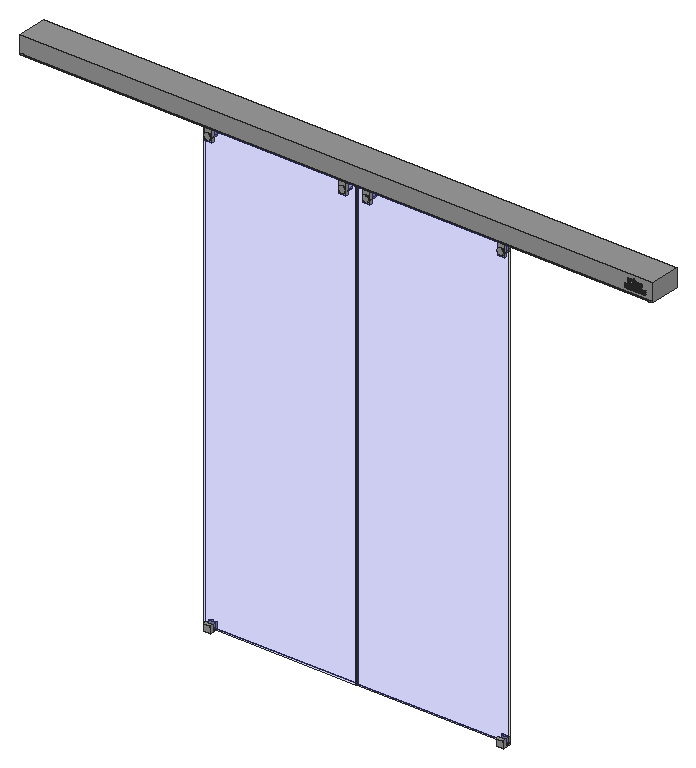
Revit family "Door_Operator-Sliding_Door-Ditec-Civik-Glass_Wing_and_Technical_Connection-2_Wings", category Doors, host Wall, Revit 2014
Parameters
  Youtube clip = ""
  Weight Net (Kg) = 0
  Uniformat II Description = "Exterior Doors"
  Uniformat II Code = "B2030"
  Uniclass 2015 Name = "Sliding doorset systems"
  Uniclass 2015 Code = "Ss_25_30_20_77"
  Uniclass 2.0 Description = "Sliding Doorset Systems"
  Uniclass 2.0 Code = "SS-25-30-20-77"
  Uniclass 1.4 Description = "Doors"
  Uniclass 1.4 Code = "JL20"
  URL = "http://www.ditecentrematic.com/products/automatic-pedestrian-doors/sliding-doors/civik"
  UNSPSC Code = "301715"
  Torque/Thrust = "30 N"
  Technical description = ""
  Stroke control = "encoder"
  Special uses = "disabled use"
  S = 50 mm
  Rough Width = 1200 mm
  Rough Height = Height  # 2000 mm
  Region South America = "AR, BO, BR, CL, CO, EC, FK, GF, GY, PE, PY, SR, UY, VE"
  Region Oceania = "AS, AU, CK, FJ, FM, GU, KI, MH, MP, NC, NF, NR, NU, NZ, PF, PG, PN, PW, SB, TK, TL, TO, TV, UM, WF, WS, VU"
  Region North America = "AG, AI, AW, BB, BL, BM, BQ, BS, BZ, CA, CR, CU, CW, DM, DO, GD, GL, GP, GT, HN, HT, JM, KN, KY, LC, MF, MQ, MS, MX, NI, PA, PM, PR, SV, SX, TC, TT, US, VC, VG, VI"
  Region Middle East = "AE, AF, BH, EG, IL, IQ, IR, JO, KW, LB, OM, PS, QA, SA, SY, TR, YE"
  Region Europe = "AD, AL, AT, AX, BA, BE, BG, BY, CH, CY, CZ, DE, DK, EE, ES, FI, FO, FR, GB, GG, GI, GR, HR, HU, IE, IM, IS, IT, JE, LI, LT, LU, LV, MC, MD, ME, MK, MT, NL, NO, PL, PT, RO, RS, RU, SE, SI, SJ, SK, SM, UA, VA"
  Region Asia = "AM, AZ, BD, BN, BT, CC, CN, CX, GE, HK, ID, IN, IO, JP, KG, KH, KP, KR, KZ, LA, LK, MM, MN, MO, MV, MY, NP, PH, PK, SG, TH, TJ, TM, TW, UZ, VN"
  Region Antarctica = "None"
  Region Africa = "AO, BF, BI, BJ, BW, CD, CF, CI, CM, CV, DJ, DZ, EH, ER, ET, GA, GH, GM, GN, GQ, GW, KE, KM, LR, LS, LY, MA, MG, ML, MR, MU, MW, MZ, NA, NE, NG, RE, SC, SD, SH, SL, SN, ST, SZ, TD, TG, TN, TZ, UG, YT, ZA"
  QR code = "http://bimobject.com/entrematic/product/dit-cvk"
  Protection rating = "IP 20"
  Product url = "http://www.ditecentrematic.com/products/automatic-pedestrian-doors/sliding-doors/civik"
  Product group = "Sliding Automatic Doors"
  Product family = "Automatic Doors"
  Product dimensions (mm) = "75 x130 x L"
  Product data url = "http://bimobject.com/entrematic/product/dit-cvk"
  Product certification = ""
  Product SKU = "dit-cvk"
  Product Guid = "023af41f-6f63-4778-8830-4f045142fb66"
  Power supply = "230 V AC / 50-60 Hz"
  Power input = "0.2 A"
  Panel Material = Glass
  Operator Material = Aluminum
  Operator Length = Rough Width * 2 + 2 * S + 200 mm  # 2700 mm
  Operating temperature = "-20°C / +55°C"
  Opening speed = "0.8 m/s"
  OmniClass Description = "Sliding Metal Doors"
  OmniClass Code = "23-17 11 13 19"
  Nominal width = 3300
  Nominal height = 75
  NBS Reference Description = "Sliding Doorset Systems"
  NBS Reference Code = "25-30-20-77"
  Maximum opening = ""
  Maximum capacity = "80 kg"
  Material secondary = "Glass"
  Material main = "Aluminium"
  Masterformat 2014 Description = "Sliding Metal Doors"
  Masterformat 2014 Code = "08 13 73"
  Manufacturer name = "Entrematic"
  Manufacturer country = "Italy"
  Installation instructions = "http://ftp.ditec.it/manuali/Manuali_Quarto/CIVIK_IP1953EN.pdf"
  IFC Classification = "Door"
  Function = Interior
  Height = 2000 mm
  Wall Closure = By host
  Width = Rough Width + 2 * S  # 1300 mm
  Edition number = 1
  EAN code = ""
  Duty class = "4 - heavy duty"
  Design country = "Italy"
  Date of publishing = ""
  Control panel = "EL06A (built in)"
  Closing speed = "0.4 m/s"
  COBIe Type Category = ""
  Brand url = ""
  BIMobject category = "Sliding"
  Antipanic system = "CIVIK LA"
Reference planes
  plane 1: y = 0
  plane 2 "Center (Left/Right)": x = 0
  plane 3 "Left": x = -600
  plane 4 "Right": x = 600
  plane 5: z = 2000
  plane 6 "Exterior": y = 75
  plane 7 "Interior": y = -75
  plane 8: z = 2069.889
  plane 9: y = -97
  plane 10: y = -107
  plane 11: y = -87
  plane 12: z = 10
  plane 13: x = -650
  plane 14: x = 650
  plane 15: z = 1945
  plane 16: z = 1895
  plane 17: x = -625
  plane 18: x = -50
  plane 19: x = 50
  plane 20: x = -625
  plane 21: x = 625
Forms (mm)
  Sweep 1, solid, material "Glass" <- "Panel Material"
    path origin (0, 0, 0) x (1, 0, 0) y (0, 1, 0)
      loop
        line (-650, -87) -> (-2, -87)
    profile origin (-326, -87, 0) x (0, 1, 0) y (0, 0, 1)
      loop
        line (-10, 2000) -> (-10, 10) -> (0, 10) -> (0, 2000) -> (-10, 2000)
  Sweep 2, solid, material "Glass" <- "Panel Material"
    path origin (0, 0, 0) x (1, 0, 0) y (0, 1, 0)
      loop
        line (650, -87) -> (2, -87)
    profile origin (326, -87, 0) x (0, -1, 0) y (0, 0, 1)
      loop
        line (10, 2000) -> (0, 2000) -> (0, 10) -> (10, 10) -> (10, 2000)
  Sweep 3, solid, material "Aluminum", detail levels fine
    path origin (8850, -194.453, 1895) x (0, -1, 0) y (1, 0, 0)
      loop
        line (-107.453, -9490) -> (-107.453, -9460)
    profile "Profile 01 : Profile 01" origin (-625, -87, 1895) x (0, 1, 0) y (0, 0, 1)
      loop
        line (-20, -20) -> (-10, -20) -> (-10, 117) -> (-20, 117) -> (-20, -20)
  Sweep 4, solid, material "Aluminum", detail levels fine
    path origin (8850, -194.453, 1895) x (0, -1, 0) y (1, 0, 0)
      loop
        line (-107.453, -8915) -> (-107.453, -8885)
    profile "Profile 01 : Profile 01" origin (-50, -87, 1895) x (0, 1, 0) y (0, 0, 1)
      loop
        line (-20, -20) -> (-10, -20) -> (-10, 117) -> (-20, 117) -> (-20, -20)
  Sweep 5, solid, material "Aluminum", detail levels fine
    path origin (8850, -194.453, 1895) x (0, -1, 0) y (1, 0, 0)
      loop
        line (-84.453, -9475) -> (-119.453, -9475)
    profile "Profile 02 : Profile 02" origin (-625, -92.5, 1895) x (-1, 0, 0) y (0, 0, 1)
      loop
        circle (0, 50) r 14
      loop
        circle (0, 0) r 14
  Sweep 6, solid, material "Aluminum", detail levels fine
    path origin (8850, -194.453, 1895) x (0, -1, 0) y (1, 0, 0)
      loop
        line (-84.453, -8900) -> (-119.453, -8900)
    profile "Profile 02 : Profile 02" origin (-50, -92.5, 1895) x (-1, 0, 0) y (0, 0, 1)
      loop
        circle (0, 50) r 14
      loop
        circle (0, 0) r 14
  Sweep 7, solid, detail levels fine
    path origin (8850, -194.453, 1895) x (0, -1, 0) y (1, 0, 0)
      loop
        line (-84.488, -8900) -> (-119.453, -8900)
    profile "Profile 02 : Profile 02" origin (-50, -92.483, 1895) x (-1, 0, 0) y (0, 0, 1)
      loop
        circle (0, 50) r 14
      loop
        circle (0, 0) r 14
  Sweep 8, solid, material "Aluminum", detail levels fine
    path origin (8850, -194.453, 1895) x (0, -1, 0) y (1, 0, 0)
      loop
        line (-107.453, -8815) -> (-107.453, -8785)
    profile "Profile 01 : Profile 01" origin (50, -87, 1895) x (0, 1, 0) y (0, 0, 1)
      loop
        line (-10, -20) -> (-10, 117) -> (-20, 117) -> (-20, -20) -> (-10, -20)
  Sweep 9, solid, material "Aluminum", detail levels fine
    path origin (8850, -194.453, 1895) x (0, -1, 0) y (1, 0, 0)
      loop
        line (-107.453, -8240) -> (-107.453, -8210)
    profile "Profile 01 : Profile 01" origin (625, -87, 1895) x (0, 1, 0) y (0, 0, 1)
      loop
        line (-10, -20) -> (-10, 117) -> (-20, 117) -> (-20, -20) -> (-10, -20)
  Sweep 10, solid, material "Aluminum", detail levels fine
    path origin (8850, -194.453, 1895) x (0, -1, 0) y (1, 0, 0)
      loop
        line (-84.453, -8800) -> (-119.453, -8800)
    profile "Profile 02 : Profile 02" origin (50, -92.5, 1895) x (-1, 0, 0) y (0, 0, 1)
      loop
        circle (0, 50) r 14
      loop
        circle (0, 0) r 14
  Sweep 11, solid, material "Aluminum", detail levels fine
    path origin (8850, -194.453, 1895) x (0, -1, 0) y (1, 0, 0)
      loop
        line (-84.453, -8225) -> (-119.453, -8225)
    profile "Profile 02 : Profile 02" origin (625, -92.5, 1895) x (-1, 0, 0) y (0, 0, 1)
      loop
        circle (0, 50) r 14
      loop
        circle (0, 0) r 14
  Sweep 12, solid, material "Aluminum", detail levels fine
    path origin (0, 0, 0) x (1, 0, 0) y (0, 1, 0)
      loop
        line (-640, -87) -> (-610, -87)
    profile "Profile 03 : Profile 03" origin (-625, -87, 0) x (0, 1, 0) y (0, 0, 1)
      loop
        line (-22, 25) -> (-22, 0) -> (10, 0) -> (10, 25)
        arc (10, 25) -> (7.534, 30.11) -> (2, 31.359) r 6.527
        line (2, 31.359) -> (2, 4.414) -> (-14, 4.414) -> (-14, 31.359)
        arc (-14, 31.359) -> (-19.534, 30.11) -> (-22, 25) r 6.527
  Sweep 13, solid, material "Aluminum", detail levels fine
    path origin (0, 0, 0) x (1, 0, 0) y (0, 1, 0)
      loop
        line (610, -87) -> (640, -87)
    profile "Profile 03 : Profile 03" origin (625, -87, 0) x (0, 1, 0) y (0, 0, 1)
      loop
        line (-22, 25) -> (-22, 0) -> (10, 0) -> (10, 25)
        arc (10, 25) -> (7.534, 30.11) -> (2, 31.359) r 6.527
        line (2, 31.359) -> (2, 4.414) -> (-14, 4.414) -> (-14, 31.359)
        arc (-14, 31.359) -> (-19.534, 30.11) -> (-22, 25) r 6.527
Lines and regions (mm)
  Opening 1
    outline origin (-3050, -75, 0) x (1, 0, 0) y (0, 0, 1)
      loop
        line (2450, 0) -> (3650, 0) -> (3650, 2000) -> (2450, 2000) -> (2450, 0)
Text (mm)
  text "Exterior" at (-2295.016, 1099.543, 0), in view "Ref. Level"
  text "Exterior" at (0, 1615.38, 3698.081), in view "Left"
  text "Exterior" at (0, 1036.032, 3874.932), in view "Right"
Dimensions and locks
  equal spacing: plane 3 "Left", plane 2 "Center (Left/Right)", plane 4 "Right"
  "Rough Width": plane 3 "Left" to plane 4 "Right"
  "Rough Height": plane 5 to host wall
  host wall to plane 5 = 2000 mm  (x2)
  locked: plane 6 "Exterior" to host wall at 0
  locked: plane 7 "Interior" to host wall
  locked: plane 8 to plane 5 at 69.889
  plane 10 to plane 9 to plane 7 "Interior" = 10 mm locked, 22 mm locked
  locked: plane 9 to plane 11 at 10
  locked: plane 12 to level at 10
  "S": plane 13 to plane 3 "Left"
  "S": plane 4 "Right" to plane 14
  locked: Sweep 1 sketch curve to plane 2 "Center (Left/Right)" at 2
  locked: plane 2 "Center (Left/Right)" to Sweep 2 sketch curve at 2
  locked: plane 15 to plane 5 at 55
  locked: plane 15 to plane 16 at 50
  equal spacing: plane 3 "Left", plane 17, plane 13
  plane 18 to plane 2 "Center (Left/Right)" to plane 19 = 50 mm locked, 50 mm locked
  Sweep 4 sketch curve to plane 18 to Sweep 4 sketch curve = 15 mm locked, 15 mm locked
  equal spacing: plane 13, plane 20, plane 3 "Left"
  Sweep 8 sketch curve to plane 19 to Sweep 8 sketch curve = 15 mm locked, 15 mm locked
  equal spacing: plane 4 "Right", plane 21, plane 14
  Sweep 9 sketch curve to plane 21 to Sweep 9 sketch curve = 15 mm locked, 15 mm locked
  Sweep 12 sketch curve to plane 20 to Sweep 12 sketch curve = 15 mm locked, 15 mm locked
  Sweep 13 sketch curve to plane 21 to Sweep 13 sketch curve = 15 mm locked, 15 mm locked
  locked: plane 11 to Sweep 5 sketch curve at 23
  locked: plane 11 to Sweep 7 sketch curve at 22.965
  locked: plane 11 to Sweep 10 sketch curve at 23
  locked: plane 11 to Sweep 11 sketch curve at 23
  locked: plane 11 to Sweep 6 sketch curve at 23
  Sweep 3 sketch curve to plane 20 to Sweep 3 sketch curve = 15 mm locked, 15 mm locked
  aligned and locked: plane 3 "Left" to Opening 1 sketch curve
  aligned and locked: plane 5 to Opening 1 sketch curve  (x2)
  aligned and locked: Opening 1 sketch curve to plane 4 "Right"
  aligned and locked: Opening 1 sketch curve to level
  aligned and locked: plane 1 to host wall
  aligned and locked: Sweep 1 sketch curve to plane 11  (x2)
  aligned and locked: plane 12 to Sweep 1 sketch curve
  aligned and locked: Sweep 1 sketch curve to plane 9
  aligned and locked: plane 5 to Sweep 1 sketch curve
  aligned and locked: plane 11 to Sweep 2 sketch curve
  aligned and locked: plane 12 to Sweep 2 sketch curve
  aligned and locked: Sweep 2 sketch curve to plane 9
  aligned and locked: Sweep 2 sketch curve to plane 11
  aligned and locked: plane 5 to Sweep 2 sketch curve
  aligned and locked: plane 13 to Sweep 1 sketch curve
  aligned and locked: Sweep 3 sketch curve to plane 11
  aligned and locked: plane 2 "Center (Left/Right)" to nested 1
  aligned and locked: plane 14 to Sweep 2 sketch curve
  aligned and locked: Sweep 4 sketch curve to plane 11
  aligned and locked: plane 18 to Sweep 7 sketch curve
  aligned and locked: Sweep 8 sketch curve to plane 11
  aligned and locked: Sweep 9 sketch curve to plane 11
  aligned and locked: plane 19 to Sweep 10 sketch curve
  aligned and locked: plane 21 to Sweep 11 sketch curve
  aligned and locked: Sweep 12 sketch curve to plane 11
  aligned and locked: Sweep 13 sketch curve to plane 11
  aligned and locked: nested 1 to plane 8
  aligned and locked: plane 7 "Interior" to Sweep 5 sketch curve
  aligned and locked: plane 7 "Interior" to Sweep 7 sketch curve
  aligned and locked: plane 7 "Interior" to Sweep 10 sketch curve
  aligned and locked: plane 7 "Interior" to Sweep 11 sketch curve
  aligned and locked: plane 7 "Interior" to Sweep 6 sketch curve
  aligned and locked: plane 20 to Sweep 5 sketch curve
Automatic sketch dimensions
  Sweep 6 sketch curve to plane 18 = 0 mm
Nested families
  nested 1: "Door_Operator-Civik-Glass_Wing_and_Technical_Connection-2_Wings" at (0, -75, 2069.889) x (1, 0, 0) z (0, -1, 0), type "Door_Operator-Civik-Glass_Wing_and_Technical_Connection-2_Wings"
    with Operator Length 2700 mm
Definition of nested family "Door_Operator-Civik-Glass_Wing_and_Technical_Connection-2_Wings"
  Parameters (values of type "Door_Operator-Civik-Glass_Wing_and_Technical_Connection-2_Wings")
    Youtube clip = ""
    Weight Net (Kg) = 0
    Uniclass 2015 Name = ""
    Uniclass 2015 Code = ""
    Uniclass 2.0 Description = ""
    Uniclass 2.0 Code = ""
    Uniclass 1.4 Description = ""
    Uniclass 1.4 Code = ""
    UNSPSC Code = ""
    Torque/Thrust = "30 N"
    Technical description = ""
    Stroke control = "encoder"
    Special uses = "disabled use"
    Region South America = "All"
    Region Oceania = "All"
    Region North America = "All"
    Region Middle East = "All"
    Region Europe = "All"
    Region Asia = "All"
    Region Antarctica = "All"
    Region Africa = "All"
    QR code = "http://bimobject.com/ditec/product/dit-cvk"
    Protection rating = "IP 20"
    Product group = "Sliding Automatic Doors"
    Product family = "Automatic Doors"
    Product dimensions (mm) = "75 x130 x L"
    Product data url = "http://bimobject.com/ditec/product/dit-cvk"
    Product certification = ""
    Product SKU = "dit-cvk"
    Product Guid = "147d5691-4744-431e-bea0-e3ecd550c336"
    Power supply = "230 V AC / 50-60 Hz"
    Power input = "0.2 A"
    Operator Material = Aluminum
    Operator Length = 2800 mm
    Operating temperature = "-20°C / +55°C"
    Opening speed = "0.8 m/s"
    OmniClass Description = ""
    OmniClass Code = ""
    Nominal width = 3300
    Nominal height = 75
    NBS Reference Description = ""
    NBS Reference Code = ""
    Maximum opening = ""
    Maximum capacity = "80 kg"
    Material secondary = "Glass"
    Material main = "Aluminium"
    Manufacturer name = "Ditec"
    Manufacturer country = "Italy"
    Installation instructions = "http://ftp.ditec.it/manuali/Manuali_Quarto/CIVIK_IP1953EN.pdf"
    IFC Classification = ""
    Edition number = 1
    EAN code = ""
    Duty class = "4 - heavy duty"
    Design country = "Italy"
    Description = "electromechanical actuator for interior sliding doors"
    Default Elevation = 1219.2 mm
    Date of publishing = ""
    Control panel = "EL06A (built in)"
    Closing speed = "0.4 m/s"
    COBIe Type Category = ""
    BIMobject category = ""
    Antipanic system = "CIVIK LA"
  Reference planes
    plane 1 "Center (Front/Back)": y = 0
    plane 2: z = 0
    plane 3 "Center (Left/Right)": x = 0
    plane 4: y = -74.9
    plane 5: x = -1400
    plane 6: x = 1400
  Forms (mm)
    Extrusion 1, solid
      sketch origin (0, 0, 0) x (1, 0, 0) y (0, 1, 0)
        loop
          line (-1219.2, 1219.2) -> (-1219.2, -1219.2) -> (1219.2, -1219.2) -> (1219.2, 1219.2) -> (-1219.2, 1219.2)
      from 0 to -304.8
    Sweep 2, solid, material "Aluminum" <- "Operator Material"
      path origin (0, 0, 0) x (1, 0, 0) y (0, 1, 0)
        loop
          line (-1395, 0) -> (1395, 0)
      profile "Ditec_Civik_Operator_Profile : Ditec_Civik_Operator_Profile" origin (0, 0, 0) x (0, 1, 0) y (0, 0, 1)
        loop
          line (-74.9, 55) -> (-44.4, 55) -> (-44.4, 0) -> (-43.383, 0) -> (0, 0) -> (0, 120.5) -> (0, 130) -> (-5.005, 130) -> (-70.424, 130)
          arc (-70.424, 130) -> (-71.052, 129.861) -> (-71.563, 129.472) r 1.5
          arc (-71.563, 129.472) -> (-74.039, 125.233) -> (-74.9, 120.4) r 14
          line (-74.9, 120.4) -> (-74.9, 55)
    Sweep 3, solid, material "Aluminum" <- "Operator Material"
      path origin (0, 0, 0) x (1, 0, 0) y (0, 1, 0)
        loop
          line (-1400, 0) -> (-1395, 0)
      profile origin (-1397.5, 0, 0) x (0, 1, 0) y (0, 0, 1)
        loop
          line (-74.9, 0) -> (0, 0) -> (0, 130) -> (-70.424, 130)
          arc (-70.424, 130) -> (-71.052, 129.861) -> (-71.563, 129.472) r 1.5
          arc (-71.563, 129.472) -> (-74.039, 125.233) -> (-74.9, 120.4) r 14
          line (-74.9, 120.4) -> (-74.9, 0)
    Sweep 4, solid, material "Aluminum" <- "Operator Material"
      path origin (0, 0, 0) x (1, 0, 0) y (0, 1, 0)
        loop
          line (1400, 0) -> (1395, 0)
      profile origin (1397.5, 0, 0) x (0, -1, 0) y (0, 0, 1)
        loop
          line (74.9, 0) -> (74.9, 120.4)
          arc (74.9, 120.4) -> (74.039, 125.233) -> (71.563, 129.472) r 14
          arc (71.563, 129.472) -> (71.052, 129.861) -> (70.424, 130) r 1.5
          line (70.424, 130) -> (0, 130) -> (0, 0) -> (74.9, 0)
  Cuts and joins
    joined: Sweep 2, Sweep 3, Sweep 4
  Lines and regions (mm)
    symbolic lines, style "DASHED_0.6mm"
      curve 1: line (-1400, 0, 0) -> (-1400, 0, 130)
      curve 2: line (-1400, 0, 130) -> (1400, 0, 130)
      curve 3: line (1400, 0, 130) -> (1400, 0, 0)
      curve 4: line (-1407.855, 0, 0) -> (1393.096, 0, 0)
  Dimensions and locks
    equal spacing: plane 5, plane 3 "Center (Left/Right)", plane 6
    "Operator Length": plane 5 to plane 6
    locked: plane 4 to plane 1 "Center (Front/Back)" at 74.9
    locked: plane 5 to Sweep 2 sketch curve at 5
    locked: Sweep 2 sketch curve to plane 6 at 5
    locked: plane 5 to Sweep 3 sketch curve at 5
    locked: Sweep 4 sketch curve to plane 6 at 5
    locked: curve 2 to level at 130
    aligned and locked: plane 2 to Extrusion 1
    aligned and locked: level to Extrusion 1
    aligned and locked: plane 1 "Center (Front/Back)" to Sweep 2 sketch curve
    aligned and locked: plane 1 "Center (Front/Back)" to Sweep 3 sketch curve
    aligned and locked: plane 5 to Sweep 3 sketch curve
    aligned and locked: plane 6 to Sweep 4 sketch curve
    aligned and locked: Sweep 4 sketch curve to plane 1 "Center (Front/Back)"
    aligned and locked: nested 1 to plane 1 "Center (Front/Back)"
    aligned and locked: plane 5 to curve 1
    aligned and locked: curve 3 to plane 6
    aligned and locked: curve 4 to level
    aligned and locked: nested 1 to level
    aligned and locked: plane 6 to nested 2
  Automatic sketch dimensions
    Extrusion 1 sketch curve to Extrusion 1 sketch curve = 2438.4 mm  (x2)
    Sweep 3 sketch curve to profile plane = 0 mm
    profile plane to Sweep 3 sketch curve = 60.9 mm
    Sweep 3 sketch curve to Sweep 3 sketch curve = 9.521 mm
    Sweep 3 sketch curve to Sweep 3 sketch curve = 0.004 mm
    Sweep 3 sketch curve to Sweep 3 sketch curve = 4.479 mm
    level to Sweep 3 sketch curve = 0 mm
    Sweep 3 sketch curve to Sweep 3 sketch curve = 120.4 mm
    Sweep 3 sketch curve to Sweep 3 sketch curve = 8.1 mm
    Sweep 3 sketch curve to Sweep 3 sketch curve = 9.6 mm
    Sweep 4 sketch curve to level = 0 mm
    Sweep 4 sketch curve to profile plane = 0 mm
    Sweep 4 sketch curve to profile plane = 60.9 mm
    Sweep 4 sketch curve to Sweep 4 sketch curve = 9.521 mm
    Sweep 4 sketch curve to Sweep 4 sketch curve = 0.004 mm
    Sweep 4 sketch curve to Sweep 4 sketch curve = 4.479 mm
    level to Sweep 4 sketch curve = 120.4 mm
    Sweep 4 sketch curve to Sweep 4 sketch curve = 8.1 mm
    Sweep 4 sketch curve to Sweep 4 sketch curve = 9.6 mm
    curve 4 to plane 5 = 7.855 mm
    curve 4 to plane 6 = 6.904 mm
    curve 3 to level = 0 mm
  Nested families
    nested 1: "Ditec_Civik_Operator_Detail_Item" at (0, 0, 0) x (0, 0, 1) z (1, 0, 0), type "Ditec_Civik_Operator_Detail_Item"
    nested 2: "Ditec_Logo" at (1296.863, -15.645, 130), type "Ditec_Logo", detail levels medium+fine
  Definition of nested family "Ditec_Logo"
    Parameters (values of type "Ditec_Logo")
      Default Elevation = 1219.2 mm
    Reference planes
      plane 1 "Center (Front/Back)": y = 0
      plane 2: z = 0
      plane 3 "Center (Left/Right)": x = 0
      plane 4: x = 103.137
      plane 5: x = -43.563
      plane 6: y = -98.785
    Forms (mm)
      Extrusion 1, solid
        sketch origin (0, 0, 0) x (1, 0, 0) y (0, 1, 0)
          loop
            line (-1219.2, 1219.2) -> (-1219.2, -1219.2) -> (1219.2, -1219.2) -> (1219.2, 1219.2) -> (-1219.2, 1219.2)
        from 0 to -304.8
      Extrusion 2, solid
        sketch origin (0, 0, 0) x (1, 0, 0) y (0, 1, 0)
          loop
            line (3.867, -3.239) -> (3.867, -15.521) -> (6.215, -15.521) -> (8.654, -15.296) -> (10.48, -14.414)
            arc (10.48, -14.414) -> (11.834, -12.136) -> (12.127, -9.501) r 6.272
            arc (12.127, -9.501) -> (11.839, -7.183) -> (10.831, -5.075) r 7.263
            arc (10.831, -5.075) -> (8.787, -3.606) -> (6.296, -3.239) r 5.325
            line (6.296, -3.239) -> (3.867, -3.239)
          loop
            line (0, -1.701) -> (0, -6.333) -> (0, -19.057) -> (6.701, -19.057)
            arc (6.701, -19.057) -> (16.229, -9.529) -> (6.701, 0) r 9.529
            line (6.701, 0) -> (1.665, 0)
            arc (1.665, 0) -> (0.453, -0.479) -> (0, -1.701) r 1.6
          loop
            line (18.284, -4.44) -> (25.242, 0.599) -> (24.313, 5.107) -> (18.284, -2.212) -> (18.284, -4.44)
          loop
            line (18.255, -5.56) -> (18.255, -19.057) -> (21.764, -19.057) -> (21.764, -5.56) -> (18.255, -5.56)
          loop
            line (28.485, -14.954) -> (28.377, -12.768) -> (28.377, -7.936) -> (31.265, -7.936) -> (31.265, -5.561) -> (28.377, -5.561) -> (28.377, -2.165) -> (24.975, -2.165) -> (24.975, -5.561) -> (23.113, -5.561) -> (23.113, -7.936) -> (24.975, -7.936) -> (24.975, -16.142)
            arc (24.975, -16.142) -> (25.208, -17.769) -> (26.325, -18.976) r 2.762
            line (26.325, -18.976) -> (27.408, -19.294) -> (28.916, -19.381) -> (30.349, -19.324) -> (31.265, -19.246) -> (31.265, -15.752)
            arc (31.265, -15.752) -> (29.636, -16.184) -> (28.485, -14.954) r 1.642
          loop
            line (35.962, -12.957) -> (45.733, -12.957) -> (45.318, -9.994) -> (43.978, -7.423)
            arc (43.978, -7.423) -> (41.762, -5.704) -> (39.012, -5.156) r 6.108
            arc (39.012, -5.156) -> (34.106, -7.192) -> (32.263, -12.174) r 6.639
            arc (32.263, -12.174) -> (34.255, -17.347) -> (39.39, -19.435) r 6.977
            line (39.39, -19.435) -> (41.992, -19.016) -> (43.952, -18.005) -> (45.017, -17.006) -> (45.544, -16.331) -> (42.656, -14.657)
            arc (42.656, -14.657) -> (41.314, -15.834) -> (39.579, -16.25) r 3.717
            arc (39.579, -16.25) -> (37.699, -15.811) -> (36.34, -14.441) r 3.495
            line (36.34, -14.441) -> (35.962, -12.957)
          loop
            arc (40.902, -8.719) -> (39.991, -8.146) -> (38.931, -7.963) r 2.764
            line (38.931, -7.963) -> (37.837, -8.15) -> (37.068, -8.583)
            arc (37.068, -8.583) -> (36.34, -9.426) -> (35.962, -10.473) r 3.059
            line (35.962, -10.473) -> (41.657, -10.473) -> (41.395, -9.412) -> (40.902, -8.719)
          loop
            arc (58.088, -14.295) -> (57.114, -14.169) -> (56.35, -14.784) r 1.25
            arc (56.35, -14.784) -> (55.314, -15.778) -> (53.912, -16.088) r 2.659
            arc (53.912, -16.088) -> (51.382, -14.939) -> (50.485, -12.309) r 3.502
            arc (50.485, -12.309) -> (51.338, -9.659) -> (53.831, -8.422) r 3.58
            arc (53.831, -8.422) -> (55.713, -9.176) -> (56.773, -10.905) r 3.225
            line (56.773, -10.905) -> (59.986, -9.313)
            arc (59.986, -9.313) -> (57.598, -6.263) -> (53.885, -5.156) r 6.381
            arc (53.885, -5.156) -> (48.831, -7.235) -> (46.867, -12.336) r 6.912
            arc (46.867, -12.336) -> (48.766, -17.389) -> (53.751, -19.462) r 6.792
            arc (53.751, -19.462) -> (57.47, -18.364) -> (59.986, -15.413) r 6.806
            line (59.986, -15.413) -> (58.088, -14.295)
          loop
            line (-13.563, -25.446) -> (73.137, -25.446) -> (73.137, -24.646) -> (-13.563, -24.646) -> (-13.563, -25.446)
          loop
            line (-5.628, -31.469) -> (-9.92, -31.469)
            arc (-9.92, -31.469) -> (-13.564, -35.113) -> (-9.92, -38.757) r 3.644
            line (-9.92, -38.757) -> (-5.628, -38.757) -> (-5.628, -37.345) -> (-8.87, -37.345)
            arc (-8.87, -37.345) -> (-10.325, -36.928) -> (-11.26, -35.738) r 2.456
            line (-11.26, -35.738) -> (-6.729, -35.738) -> (-6.729, -34.469) -> (-11.255, -34.469)
            arc (-11.255, -34.469) -> (-10.315, -33.294) -> (-8.87, -32.879) r 2.479
            line (-8.87, -32.879) -> (-5.628, -32.879) -> (-5.628, -31.469)
          loop
            line (3.853, -38.755) -> (3.853, -31.469) -> (1.579, -31.469) -> (1.579, -36.035) -> (-2.468, -31.469) -> (-4.425, -31.469) -> (-4.425, -38.753) -> (-2.152, -38.753) -> (-2.152, -34.203) -> (1.883, -38.755) -> (3.853, -38.755)
          loop
            line (7.807, -32.734) -> (7.807, -38.755) -> (10.139, -38.755) -> (10.139, -32.734) -> (12.887, -32.734) -> (12.887, -31.465) -> (5.046, -31.465) -> (5.046, -32.734) -> (7.807, -32.734)
          loop
            line (14.089, -31.465) -> (14.089, -38.755) -> (16.401, -38.755) -> (16.401, -35.933) -> (18.263, -35.933) -> (19.859, -38.755) -> (22.361, -38.755) -> (20.531, -35.731)
            arc (20.531, -35.731) -> (22.369, -33.566) -> (20.457, -31.465) r 2.152
            line (20.457, -31.465) -> (14.089, -31.465)
          loop
            line (18.944, -32.757) -> (16.401, -32.757) -> (16.401, -34.648) -> (18.944, -34.648)
            arc (18.944, -34.648) -> (19.89, -33.703) -> (18.944, -32.757) r 0.945
          loop
            line (29.374, -37.344) -> (28.259, -37.344)
            arc (28.259, -37.344) -> (26.82, -36.92) -> (25.896, -35.738) r 2.457
            line (25.896, -35.738) -> (30.428, -35.738) -> (30.428, -34.469) -> (25.901, -34.469)
            arc (25.901, -34.469) -> (26.841, -33.294) -> (28.286, -32.879) r 2.478
            line (28.286, -32.879) -> (31.528, -32.879) -> (31.528, -31.469) -> (27.236, -31.469)
            arc (27.236, -31.469) -> (24.627, -32.505) -> (23.594, -35.115) r 3.536
            arc (23.594, -35.115) -> (24.63, -37.72) -> (27.236, -38.757) r 3.544
            line (27.236, -38.757) -> (28.527, -38.757) -> (29.374, -37.344)
          loop
            line (39.002, -38.755) -> (41.201, -35.094) -> (41.201, -38.755) -> (43.278, -38.755) -> (43.278, -31.467) -> (41.638, -31.467) -> (39.58, -34.895) -> (39.58, -31.467) -> (37.942, -31.467) -> (33.571, -38.755) -> (35.678, -38.755) -> (37.874, -35.094) -> (37.874, -38.755) -> (39.002, -38.755)
          loop
            line (44.084, -38.785) -> (46.586, -38.785) -> (47.032, -37.49) -> (50.362, -37.49) -> (50.801, -38.753) -> (53.254, -38.753) -> (50.082, -31.465) -> (47.276, -31.465) -> (44.084, -38.785)
          loop
            line (48.683, -32.653) -> (47.453, -36.252) -> (49.933, -36.252) -> (48.683, -32.653)
          loop
            line (52.681, -32.731) -> (55.169, -32.731) -> (55.169, -38.755) -> (57.506, -38.755) -> (57.506, -32.731) -> (59.987, -32.731) -> (59.987, -31.465) -> (52.681, -31.465) -> (52.681, -32.731)
          loop
            line (63.769, -38.747) -> (63.769, -31.465) -> (61.455, -31.465) -> (61.455, -38.747) -> (63.769, -38.747)
          loop
            arc (65.203, -35.115) -> (66.239, -37.72) -> (68.845, -38.757) r 3.544
            line (68.845, -38.757) -> (73.137, -38.757) -> (73.137, -37.345) -> (69.865, -37.345)
            arc (69.865, -37.345) -> (68.175, -36.735) -> (67.404, -35.111) r 2.36
            arc (67.404, -35.111) -> (68.192, -33.484) -> (69.895, -32.879) r 2.382
            line (69.895, -32.879) -> (73.137, -32.879) -> (73.137, -31.469) -> (68.845, -31.469)
            arc (68.845, -31.469) -> (66.236, -32.505) -> (65.203, -35.115) r 3.536
          loop
            line (32.796, -38.755) -> (37.156, -31.484) -> (35.859, -31.484) -> (31.499, -38.755) -> (32.796, -38.755)
          loop
            line (34.34, -31.484) -> (29.979, -38.757) -> (30.779, -38.757) -> (35.14, -31.484) -> (34.34, -31.484)
        from 0 to 2
    Dimensions and locks
      aligned and locked: plane 2 to Extrusion 1
      aligned and locked: level to Extrusion 1
  Definition of nested family "Ditec_Civik_Operator_Detail_Item"
    Reference planes
      plane 1 "Center (Front/Back)": y = 0
      plane 2: z = 0
      plane 3 "Center (Left/Right)": x = 0
    Lines and regions (mm)
      Filled region 1, type "Concrete", in view "Ref. Level", detail levels coarse
        outline origin (0, 0, 0) x (1, 0, 0) y (0, 1, 0)
          loop
            line (55, -44.4) -> (55, -74.9) -> (120.4, -74.9)
            arc (120.4, -74.9) -> (125.233, -74.039) -> (129.472, -71.563) r 14
            arc (129.472, -71.563) -> (129.861, -71.052) -> (130, -70.424) r 1.5
            line (130, -70.424) -> (130, -5.005) -> (130, 0) -> (120.5, 0) -> (0, 0) -> (0, -43.383) -> (0, -44.4) -> (33.998, -44.4) -> (38.007, -44.4) -> (55, -44.4)
      Filled region 2, type "Concrete", in view "Ref. Level", detail levels medium+fine
        outline origin (0, 0, 0) x (1, 0, 0) y (0, 1, 0)
          loop
            arc (126.5, -8.5) -> (127.914, -7.915) -> (128.5, -6.501) r 2
            line (128.5, -6.501) -> (128.5, -8.446)
            arc (128.5, -8.446) -> (128.354, -8.8) -> (128, -8.946) r 0.5
            line (128, -8.946) -> (126, -8.946)
            arc (126, -8.946) -> (125.345, -8.887) -> (125, -9.446) r 0.625
            arc (125, -9.446) -> (125.293, -10.154) -> (126, -10.446) r 1
            line (126, -10.446) -> (127.916, -10.446)
            arc (127.916, -10.446) -> (128.283, -10.608) -> (128.414, -10.988) r 0.5
            line (128.414, -10.988) -> (128.2, -13.429) -> (128.2, -70.281)
            arc (128.2, -70.281) -> (124.547, -72.374) -> (120.4, -73.1) r 12.2
            line (120.4, -73.1) -> (81.468, -73.1) -> (79.164, -70.354)
            arc (79.164, -70.354) -> (77.197, -68.942) -> (78.245, -71.126) r 1.25
            line (78.245, -71.126) -> (79.464, -72.579)
            arc (79.464, -72.579) -> (79.535, -73.111) -> (79.081, -73.4) r 0.5
            line (79.081, -73.4) -> (65, -73.4) -> (65, -69.889) -> (62.4, -69.889) -> (62.4, -71.159)
            spline (62.4, -71.159) -> (62.429, -71.276) -> (62.491, -71.35) -> (62.581, -71.391) -> (62.69, -71.407) -> (62.814, -71.406) -> (62.944, -71.398) -> (63.075, -71.392) -> (63.199, -71.395) -> (63.31, -71.418) -> (63.402, -71.468) -> (63.467, -71.555) -> (63.5, -71.688)
            line (63.5, -71.688) -> (63.5, -73.4) -> (56.5, -73.4) -> (56.5, -71.688)
            spline (56.5, -71.688) -> (56.533, -71.555) -> (56.598, -71.468) -> (56.69, -71.418) -> (56.801, -71.395) -> (56.925, -71.392) -> (57.056, -71.398) -> (57.186, -71.406) -> (57.31, -71.407) -> (57.419, -71.391) -> (57.509, -71.35) -> (57.571, -71.276) -> (57.6, -71.159)
            line (57.6, -71.159) -> (57.6, -69.889) -> (55, -69.889) -> (55, -74.13)
            arc (55, -74.13) -> (55.225, -74.675) -> (55.77, -74.9) r 0.77
            line (55.77, -74.9) -> (120.4, -74.9)
            arc (120.4, -74.9) -> (125.233, -74.039) -> (129.472, -71.563) r 14
            arc (129.472, -71.563) -> (129.861, -71.052) -> (130, -70.424) r 1.5
            line (130, -70.424) -> (130, -5.005)
            arc (130, -5.005) -> (127.402, -2.4) -> (124.8, -5) r 2.6
            arc (124.8, -5) -> (125.55, -5.75) -> (126.3, -5) r 0.75
            arc (126.3, -5) -> (127.4, -3.9) -> (128.5, -5) r 1.1
            arc (128.5, -5) -> (127.124, -4.073) -> (126.783, -5.697) r 1
            arc (126.783, -5.697) -> (126.939, -6.531) -> (126.232, -7) r 0.768
            line (126.232, -7) -> (125.263, -6.981)
            arc (125.263, -6.981) -> (124.359, -6.473) -> (124, -5.5) r 1.5
            line (124, -5.5) -> (124, -3.496)
            arc (124, -3.496) -> (122.974, -1.024) -> (120.5, 0) r 3.5
            line (120.5, 0) -> (0, 0) -> (0, -43.383)
            arc (0, -43.383) -> (0.287, -44.101) -> (1, -44.4) r 1
            line (1, -44.4) -> (2.157, -44.4) -> (2.157, -43.394)
            spline (2.157, -43.394) -> (2.134, -43.307) -> (2.091, -43.253) -> (2.031, -43.225) -> (1.961, -43.214) -> (1.884, -43.214) -> (1.805, -43.216) -> (1.729, -43.213) -> (1.661, -43.198) -> (1.605, -43.161) -> (1.566, -43.097) -> (1.548, -42.997) -> (1.557, -42.854)
            line (1.557, -42.854) -> (1.557, -40.5)
            arc (1.557, -40.5) -> (1.704, -40.146) -> (2.057, -40) r 0.5
            line (2.057, -40) -> (3.857, -40)
            arc (3.857, -40) -> (4.211, -40.146) -> (4.357, -40.5) r 0.5
            line (4.357, -40.5) -> (4.357, -42.854)
            spline (4.357, -42.854) -> (4.366, -42.997) -> (4.349, -43.097) -> (4.31, -43.161) -> (4.254, -43.198) -> (4.185, -43.213) -> (4.109, -43.216) -> (4.031, -43.214) -> (3.954, -43.214) -> (3.883, -43.225) -> (3.824, -43.253) -> (3.78, -43.307) -> (3.757, -43.394)
            line (3.757, -43.394) -> (3.757, -44.4) -> (4.857, -44.4)
            arc (4.857, -44.4) -> (5.564, -44.107) -> (5.857, -43.4) r 1
            line (5.857, -43.4) -> (5.857, -40.5)
            arc (5.857, -40.5) -> (6.004, -40.146) -> (6.355, -40) r 0.5
            line (6.355, -40) -> (15.429, -40)
            arc (15.429, -40) -> (17.342, -39.619) -> (18.964, -38.536) r 5
            line (18.964, -38.536) -> (19.708, -37.792)
            arc (19.708, -37.792) -> (20.031, -37.576) -> (20.412, -37.5) r 1
            line (20.412, -37.5) -> (29, -37.5)
            arc (29, -37.5) -> (29.61, -37.293) -> (29.966, -36.757) r 1
            line (29.966, -36.757) -> (29.966, -35.541)
            arc (29.966, -35.541) -> (22.915, -32.5) -> (15.919, -35.667) r 9.5
            arc (15.919, -35.667) -> (15.583, -35.913) -> (15.176, -36) r 1
            line (15.176, -36) -> (8.47, -36)
            arc (8.47, -36) -> (7.719, -35.662) -> (7.476, -34.875) r 1
            arc (7.476, -34.875) -> (7.498, -34.384) -> (7.439, -33.896) r 3
            line (7.439, -33.896) -> (6.276, -34.192)
            arc (6.276, -34.192) -> (3.297, -36.116) -> (4.737, -32.876) r 1.85
            line (4.737, -32.876) -> (5.09, -31.559)
            arc (5.09, -31.559) -> (4.609, -31.502) -> (4.125, -31.524) r 3
            arc (4.125, -31.524) -> (3.339, -31.281) -> (3, -30.531) r 1
            line (3, -30.531) -> (3, -8.469)
            arc (3, -8.469) -> (3.339, -7.719) -> (4.125, -7.476) r 1
            arc (4.125, -7.476) -> (4.609, -7.498) -> (5.09, -7.441) r 3
            line (5.09, -7.441) -> (4.846, -6.528)
            arc (4.846, -6.528) -> (3.113, -3.487) -> (6.346, -4.826) r 1.85
            line (6.346, -4.826) -> (7.439, -5.104)
            arc (7.439, -5.104) -> (7.498, -4.616) -> (7.476, -4.125) r 3
            arc (7.476, -4.125) -> (7.719, -3.339) -> (8.469, -3) r 1
            line (8.469, -3) -> (12.811, -3)
            spline (12.811, -3) -> (12.902, -3.02) -> (12.96, -3.074) -> (12.991, -3.156) -> (13.003, -3.259) -> (13.002, -3.376) -> (12.995, -3.5) -> (12.988, -3.624) -> (12.988, -3.741) -> (13.002, -3.844) -> (13.036, -3.926) -> (13.097, -3.98) -> (13.192, -4)
            line (13.192, -4) -> (14.225, -4)
            arc (14.225, -4) -> (23, -3) -> (31.775, -4) r 39
            line (31.775, -4) -> (32.808, -4)
            spline (32.808, -4) -> (32.903, -3.98) -> (32.964, -3.926) -> (32.998, -3.844) -> (33.012, -3.741) -> (33.012, -3.624) -> (33.005, -3.5) -> (32.998, -3.376) -> (32.997, -3.259) -> (33.009, -3.156) -> (33.04, -3.074) -> (33.098, -3.02) -> (33.189, -3)
            line (33.189, -3) -> (47.4, -3) -> (47.4, -9.7) -> (51.9, -9.7) -> (51.9, -7.5) -> (49.9, -7.5) -> (49.9, -2) -> (60.1, -2) -> (60.1, -7.5) -> (58.1, -7.5) -> (58.1, -9.7) -> (62.397, -9.7)
            spline (62.397, -9.7) -> (62.482, -9.687) -> (62.539, -9.652) -> (62.574, -9.599) -> (62.591, -9.532) -> (62.597, -9.456) -> (62.597, -9.373) -> (62.595, -9.29) -> (62.598, -9.209) -> (62.61, -9.136) -> (62.638, -9.074) -> (62.686, -9.027) -> (62.76, -9)
            line (62.76, -9) -> (64.85, -9) -> (64.85, -7.5) -> (62.6, -7.5) -> (62.6, -2) -> (117.1, -2) -> (117.1, -7.5) -> (114.85, -7.5) -> (114.85, -9) -> (117.442, -9)
            arc (117.442, -9) -> (117.84, -8.893) -> (118.132, -8.602) r 0.796
            line (118.132, -8.602) -> (119.161, -6.819)
            arc (119.161, -6.819) -> (119.266, -6.346) -> (119.081, -5.897) r 0.808
            arc (119.081, -5.897) -> (120.545, -2.861) -> (121.859, -5.965) r 1.85
            arc (121.859, -5.965) -> (121.695, -6.324) -> (121.776, -6.711) r 0.633
            line (121.776, -6.711) -> (122.582, -8.107)
            arc (122.582, -8.107) -> (122.87, -8.395) -> (123.264, -8.5) r 0.787
            line (123.264, -8.5) -> (126.5, -8.5)
      Masking region 1, in view "Ref. Level", detail levels medium+fine
        outline origin (0, 0, 0) x (1, 0, 0) y (0, 1, 0)
          loop
            line (3, -15) -> (3, -25) -> (5.317, -25)
            arc (5.317, -25) -> (5.8, -24.498) -> (6, -23.831) r 1.482
            line (6, -23.831) -> (6, -16.169)
            arc (6, -16.169) -> (5.8, -15.502) -> (5.317, -15) r 1.482
            line (5.317, -15) -> (3, -15)
          loop
            line (13.9, -25.388) -> (13.9, -34.35) -> (14.5, -34.85) -> (16.68, -34.85)
            arc (16.68, -34.85) -> (23, -32.506) -> (29.32, -34.85) r 9.69
            line (29.32, -34.85) -> (32.1, -34.85) -> (32.1, -33.557) -> (34, -33.557) -> (34, -49.85) -> (25.858, -49.85)
            arc (25.858, -49.85) -> (25.19, -50.05) -> (24.688, -50.533) r 1.482
            line (24.688, -50.533) -> (24.688, -53.85) -> (10, -53.85) -> (10, -57.85) -> (44, -57.85) -> (44, -53.85) -> (37.656, -53.85)
            arc (37.656, -53.85) -> (37.913, -52.865) -> (38, -51.85) r 5.991
            line (38, -51.85) -> (38, -41.05)
            arc (38, -41.05) -> (39.443, -41.647) -> (40.991, -41.85) r 5.991
            line (40.991, -41.85) -> (57.5, -41.85) -> (57.5, -37.85) -> (44, -37.85) -> (44, -33.85) -> (42, -33.85) -> (42, -31.85) -> (43.6, -31.85) -> (43.6, -29.839) -> (44.5, -29.839) -> (44.5, -23.85) -> (46, -23.85) -> (46, -20.85) -> (46, -17.85) -> (44, -17.85) -> (44, -15.85) -> (40.5, -15.85) -> (40.5, -12.85) -> (39, -12.85) -> (39, -5.85) -> (35, -5.85) -> (30, -5.85) -> (30, -6.85) -> (25.8, -6.85) -> (25.8, -3.934)
            arc (25.8, -3.934) -> (22.8, -3.35) -> (19.8, -3.934) r 8
            line (19.8, -3.934) -> (19.8, -6.85) -> (16.68, -6.85) -> (14.5, -6.85) -> (13.9, -7.35) -> (13.9, -16.312)
            arc (13.9, -16.312) -> (13.165, -17.083) -> (12.7, -18.041) r 3.451
            line (12.7, -18.041) -> (12.7, -23.659)
            arc (12.7, -23.659) -> (13.165, -24.617) -> (13.9, -25.388) r 3.451
      detail lines, in view "Ref. Level", detail levels medium+fine
        curve 1: arc (29.966, -35.722, 0) -> (29.866, -35.479, 0) -> (29.706, -35.271, 0) r 1
        curve 2: arc (0, -43.383, 0) -> (0.287, -44.101, 0) -> (1, -44.4, 0) r 1
      detail lines, in view "Ref. Level", detail levels fine
        curve 3: line (20.72, -32.778, 0) -> (20.72, -20.85, 0)
        curve 4: line (25.28, -20.85, 0) -> (25.28, -32.778, 0)
        curve 5: arc (20.72, -32.778, 0) -> (23, -32.15, 0) -> (25.28, -32.778, 0) r 4.455
        curve 6: line (16.68, -34.85, 0) -> (16.68, -20.85, 0)
        curve 7: line (29.32, -34.85, 0) -> (29.32, -20.85, 0)
        curve 8: line (31.5, -34.85, 0) -> (31.5, -20.85, 0)
        curve 9: line (14.5, -34.85, 0) -> (14.5, -20.85, 0)
        curve 10: line (32.1, -20.85, 0) -> (32.1, -33.557, 0)
        curve 11: line (13.9, -20.85, 0) -> (13.9, -25.388, 0)
        curve 12: arc (16.68, -6.85, 0) -> (23, -9.194, 0) -> (29.32, -6.85, 0) r 9.69
        curve 13: line (20.72, -8.922, 0) -> (20.72, -20.85, 0)
        curve 14: line (25.28, -20.85, 0) -> (25.28, -8.871, 0)
        curve 15: arc (20.72, -8.922, 0) -> (23, -9.55, 0) -> (25.28, -8.922, 0) r 4.455
        curve 16: line (16.68, -6.85, 0) -> (16.68, -20.85, 0)
        curve 17: line (29.32, -6.85, 0) -> (29.32, -20.85, 0)
        curve 18: line (31.5, -6.85, 0) -> (31.5, -20.85, 0)
        curve 19: line (14.5, -6.85, 0) -> (14.5, -20.85, 0)
        curve 20: line (32.1, -20.85, 0) -> (32.1, -7.35, 0)
        curve 21: line (30, -6.85, 0) -> (31.5, -6.85, 0)
        curve 22: line (31.5, -6.85, 0) -> (32.1, -7.35, 0)
        curve 23: line (13.9, -20.85, 0) -> (13.9, -16.312, 0)
        curve 24: line (19.5, -6.85, 0) -> (19.5, -7.851, 0)
        curve 25: line (19.5, -7.851, 0) -> (19.8, -7.851, 0)
        curve 26: line (26, -7.851, 0) -> (26, -6.85, 0)
        curve 27: line (25.8, -8.781, 0) -> (25.8, -6.85, 0)
        curve 28: line (19.8, -6.85, 0) -> (19.8, -7.851, 0)
        curve 29: line (19.8, -7.851, 0) -> (19.8, -8.651, 0)
        curve 30: line (25.8, -7.851, 0) -> (26, -7.851, 0)
        curve 31: line (35, -5.85, 0) -> (35, -33.557, 0)
        curve 32: line (35, -33.557, 0) -> (34, -33.557, 0)
        curve 33: line (39, -12.85, 0) -> (39, -35.836, 0)
        curve 34: line (35, -35.859, 0) -> (35, -5.85, 0)
        curve 35: line (39, -5.85, 0) -> (35, -5.85, 0)
        curve 36: arc (38, -41.05, 0) -> (35.804, -38.857, 0) -> (35, -35.859, 0) r 5.991
        curve 37: arc (39, -35.836, 0) -> (39.59, -37.26, 0) -> (41.014, -37.85, 0) r 2.014
        curve 38: line (34, -49.85, 0) -> (34, -51.85, 0)
        curve 39: line (24.688, -53.85, 0) -> (32.222, -53.85, 0)
        curve 40: arc (32.009, -57.841, 0) -> (35.467, -56.743, 0) -> (37.656, -53.85, 0) r 5.991
        curve 41: arc (34, -51.85, 0) -> (33.491, -53.188, 0) -> (32.222, -53.85, 0) r 2.014
        curve 42: line (36.052, -57.85, 0) -> (36.052, -56.271, 0)
        curve 43: line (45.5, -17.85, 0) -> (45.5, -20.85, 0)
        curve 44: line (45.5, -20.85, 0) -> (45.5, -23.85, 0)
        curve 45: line (44, -17.85, 0) -> (44, -25.563, 0)
        curve 46: line (40.5, -15.85, 0) -> (39.287, -15.85, 0)
        curve 47: line (43.5, -20.85, 0) -> (39.5, -20.85, 0)
        curve 48: arc (43.5, -15.85, 0) -> (43.892, -18.35, 0) -> (43.5, -20.85, 0) r 8.164
        curve 49: arc (43.5, -25.85, 0) -> (43.892, -23.35, 0) -> (43.5, -20.85, 0) r 8.164
        curve 50: line (43.713, -25.85, 0) -> (39.287, -25.85, 0)
        curve 51: arc (44, -25.563, 0) -> (43.916, -25.766, 0) -> (43.713, -25.85, 0) r 0.287
        curve 52: line (44.5, -23.85, 0) -> (44, -23.85, 0)
        curve 53: line (39, -16.137, 0) -> (39, -25.563, 0)
        curve 54: arc (39.5, -15.85, 0) -> (39.108, -18.35, 0) -> (39.5, -20.85, 0) r 8.164
        curve 55: arc (39.5, -25.85, 0) -> (39.108, -23.35, 0) -> (39.5, -20.85, 0) r 8.164
        curve 56: arc (39, -16.137, 0) -> (39.084, -15.934, 0) -> (39.287, -15.85, 0) r 0.287
        curve 57: arc (39, -25.563, 0) -> (39.084, -25.766, 0) -> (39.287, -25.85, 0) r 0.287
        curve 58: line (44, -25.563, 0) -> (44, -29.85, 0)
        curve 59: line (43.6, -25.85, 0) -> (43.6, -29.839, 0)
        curve 60: line (43.1, -26.85, 0) -> (40.1, -26.85, 0)
        curve 61: arc (43.1, -31.85, 0) -> (43.492, -29.35, 0) -> (43.1, -26.85, 0) r 8.164
        curve 62: line (42, -31.85, 0) -> (39.887, -31.85, 0)
        curve 63: arc (40.1, -31.85, 0) -> (39.708, -29.35, 0) -> (40.1, -26.85, 0) r 8.164
        curve 64: arc (39.6, -31.563, 0) -> (39.684, -31.766, 0) -> (39.887, -31.85, 0) r 0.287
        curve 65: line (39.6, -25.85, 0) -> (39.6, -31.563, 0)
        curve 66: arc (43.353, -25.85, 0) -> (43.242, -26.354, 0) -> (43.1, -26.85, 0) r 8.164
        curve 67: arc (39.847, -25.85, 0) -> (39.958, -26.354, 0) -> (40.1, -26.85, 0) r 8.164
        curve 68: line (5.317, -17.5, 0) -> (3, -17.5, 0)
        curve 69: line (5.317, -22.5, 0) -> (3, -22.5, 0)
        curve 70: arc (5.317, -17.5, 0) -> (6, -20, 0) -> (5.317, -22.5, 0) r 4.914
        curve 71: arc (5.317, -17.5, 0) -> (5.838, -16.927, 0) -> (6, -16.169, 0) r 1.482
        curve 72: arc (5.317, -22.5, 0) -> (5.838, -23.073, 0) -> (6, -23.831, 0) r 1.482
        curve 73: line (27.188, -50.533, 0) -> (27.188, -53.127, 0)
        curve 74: line (32.188, -50.533, 0) -> (32.188, -53.127, 0)
        curve 75: arc (27.188, -50.533, 0) -> (29.688, -49.85, 0) -> (32.188, -50.533, 0) r 4.914
        curve 76: arc (27.188, -50.533, 0) -> (26.615, -50.012, 0) -> (25.858, -49.85, 0) r 1.482
        curve 77: arc (32.188, -50.533, 0) -> (32.99, -49.917, 0) -> (34, -49.958, 0) r 1.482
        curve 78: line (24.688, -53.127, 0) -> (33.543, -53.127, 0)
        curve 79: line (39, -33.85, 0) -> (42, -33.85, 0)
        curve 80: arc (44, -34.35, 0) -> (41.5, -33.958, 0) -> (39, -34.35, 0) r 8.164
        curve 81: arc (44, -37.35, 0) -> (42.052, -37.723, 0) -> (40.072, -37.616, 0) r 8.164
        curve 84: line (41.014, -37.85, 0) -> (44.014, -37.85, 0)
      detail lines, in view "Ref. Level", detail levels coarse
        curve 82: line (55.5, -74.9, 0) -> (55, -74.9, 0)
      detail lines, in view "Ref. Level", detail levels medium
        curve 83: line (34, -44.4, 0) -> (38, -44.4, 0)
